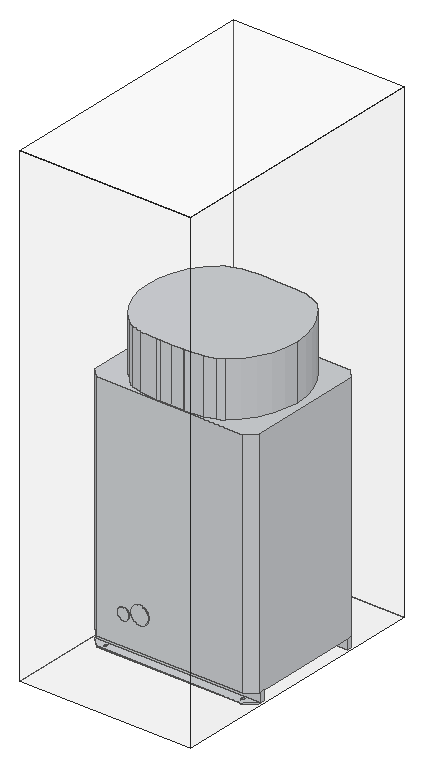
Revit family "puhy-p224_1400dmg7_60Hz", category 機械設備, Revit 2019 (continued)
Types (45, lengths in mm): name | 風量（m3／min） | 風量 | 音響パワーレベル(dB) | 電源位置2X（ユニット3） | 電源位置2X（ユニット2） | 電源位置2X（ユニット1） | 電源位置1X（ユニット3） | 電源位置1X（ユニット2） | 電源位置1X（ユニット1） | 電動機出力_送風機 | 電動機出力_圧縮機 | 消費電力_暖房 | 消費電力_冷房 | 消費電力 | 最小電線太さ_mm2 | 暖房能力 | 推奨ブレーカー容量 | 参照している仕様書等のバージョン | 冷房能力 | 冷媒管（液）位置2 (ユニット3) | 冷媒管（液）位置2 (ユニット2) | 冷媒管（液）位置1 (ユニット3） | 冷媒管（ガス）位置2 (ユニット3) | 冷媒管（ガス）位置2 (ユニット2) | 冷媒管（液）位置1 (ユニット1) | 冷媒管（液）位置2 (ユニット1) | 冷媒管（ガス）位置2 (ユニット1) | 冷媒管（液）位置1 (ユニット2） | 冷媒管径符号 | 冷媒管位置3 (ユニット3) | 冷媒管位置3 (ユニット2) | 冷媒管位置3 (ユニット1) | 冷媒管位置2 (ユニット3) | 冷媒管位置2 (ユニット2) | 冷媒管位置1 (ユニット2) | 冷媒管位置2 (ユニット1) | 冷媒管位置1 (ユニット3) | 冷媒管位置1 (ユニット1) | 冷媒液管径3 | 冷媒液管径2 | 冷媒液管径 | 冷媒ガス管径3 | 冷媒ガス管径2 | 冷媒ガス管径 | ユニット隙間 | ユニット数 | ユニットタイプ3 | ユニットタイプ2 | ユニットタイプ1 | ユニット3 | ユニット2 | モデル | サービススペース_タイプA | アンカーボルト位置X（ユニット3） | アンカーボルト位置X（ユニット2） | アンカーボルト位置X（ユニット1） | Width3 | Width2 | Width1 | Width | URL | MAX風量 | Clearance Right | Clearance Left | Clearance Back | APF
  PUHY-P900DMG7_タイプB | 460 | 27600.0 m³/h | 90 | 227 | 227 | 227 | 251 | 251 | 251 | 1.3 kW | 27.2 kW | 27.9 kW | 34.8 kW | 34.8 kW | 100 | 100 kW | 175 A | "公共建築工事標準仕様書（機械設備工事編）平成31年度版" | 90 kW | 144 | 144 | 301 | 145 | 145 | 301 | 144 | 145 | 301 | "Ei" | 205 | 205 | 205 | 144.5 | 144.5 | 342.5 | 144.5 | 342.5 | 342.5 | 15.88 | 15.88 | 15.88 | 28.58 | 28.58 | 28.58 | 100 | 2 | 筐体モジュール（高効率） : 450筐体 | 筐体モジュール（高効率） : 450筐体 | 筐体モジュール（高効率） : 450筐体 | no | yes | "PUHY-P900DMG7" | no | 1060 | 1060 | 1060 | 1220 | 1220 | 1220 | 2540 | "https://www.mitsubishielectric.co.jp/ldg/wink/ssl/displayProduct.do?pid=307627" | 27600.0 m³/h | 50 | 50 | 100 | 5.4
  PUHY-P950DMG7_タイプB | 590 | 35400.0 m³/h | 89.5 | 227 | 227 | 516 | 251 | 251 | 541 | 1.57 kW | 28.8 kW | 29.7 kW | 36.4 kW | 36.4 kW | 100 | 106 kW | 175 A | "公共建築工事標準仕様書（機械設備工事編）平成31年度版" | 95 kW | 144 | 144 | 301 | 145 | 145 | 590 | 144 | 145 | 301 | "Ek" | 205 | 205 | 205 | 144.5 | 144.5 | 342.5 | 144.5 | 342.5 | 631.5 | 15.88 | 15.88 | 15.88 | 28.58 | 28.58 | 28.58 | 100 | 2 | 筐体モジュール（高効率） : 450筐体 | 筐体モジュール（高効率） : 450筐体 | 筐体モジュール.（高効率） : 500筐体 | no | yes | "PUHY-P950DMG7" | no | 1060 | 1060 | 795 | 1220 | 1220 | 1750 | 3070 | "https://www.mitsubishielectric.co.jp/ldg/wink/ssl/displayProduct.do?pid=307630" | 35400.0 m³/h | 50 | 50 | 100 | 5.2
